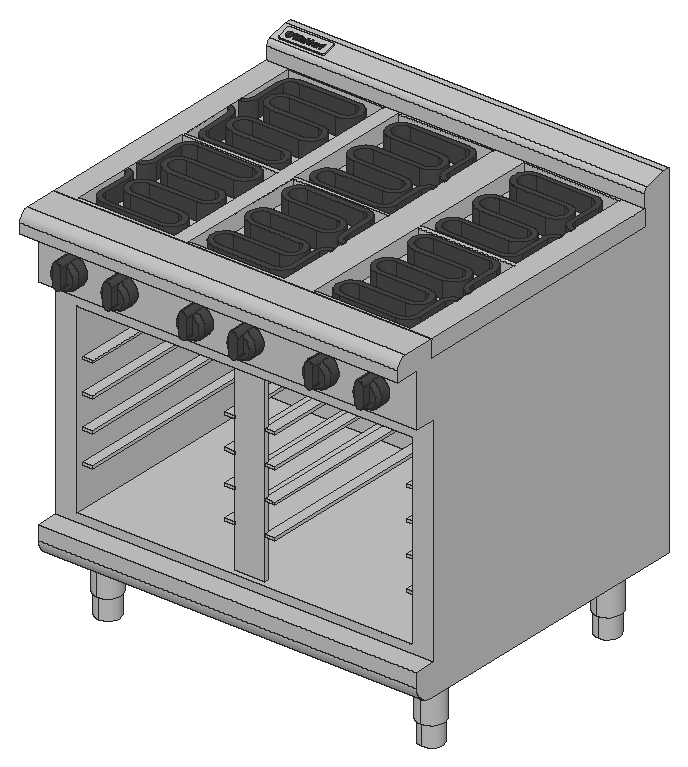
Revit family "QF_MOFFAT WALDORF_RNL8600E-CB", category Specialty Equipment, Revit 2012
Parameters
  Weight in Pounds = 286.6006
  Watts = 14400 W
  Volts = 415 V
  URL Cutsheet = "www.moffat.com"
  URL = "www.moffat.com"
  Type Mark [instance] = ""
  Status [instance] = ""
  Specification by User [instance] = ""
  Specification by Manufacturer = ""
  Show Logo [instance] = yes
  Show Casters [instance] = no
  Serial Number = ""
  Seismic Rating = ""
  SMACNA No = ""
  Revision Code [instance] = ""
  Phase = 3
  Omniclass Number and Title = ""
  Number of Poles = 1
  NAFEM Spec ID Number = ""
  Model = "RNL8600E-CB"
  Min Ckt Ampacity = 0 A
  Max Overcurrent Protection = 0 A
  Masterspec = ""
  Manufacturer = "MOFFAT WALDORF"
  Legs [instance] = not(Show Casters)  # yes
  Item Number [instance] = ""
  Installed By [instance] = ""
  Identify Quantity as Lot [instance] = yes
  HP = ""
  Furnished By [instance] = ""
  Foodservice Equipment Identifier [instance] = yes
  FL Amps = 20 A
  Elec Conn RI Height = 0.0 mm
  Elec Conn Connection Height = 0.0 mm
  Description = "COOK TOP LOW SPLASHBACK ELECTRIC ON CABINET BASE"
  Cycle = 50 Hz
  Conn Plug = ""
  Conn Conduit = yes
  CSI MasterFormat = ""
  CSI Master Format = ""
  Base Height [instance] = 150.0 mm
  Apparent Power = if(Phase = 3, Volts * FL Amps * 1.73, Volts * FL Amps)  # 14359 VA
Reference planes
  plane 1 "BACK": y = 0
  plane 2: z = 0
  plane 3 "LEFT": x = 0
  plane 4 "RIGHT": x = 900
  plane 5 "FRONT": y = -805
  plane 6 "TOP": z = 970
  plane 7 "Center Y": x = 450
  plane 8 "Center X": y = -402.5
  plane 9 "Base Height": z = 150
  plane 10: z = 915
  plane 11: x = 65.8
Forms (mm)
  Extrusion 1, solid, material "QF_Finishes_Stainless Steel"
    sketch origin (0, 0, 0) x (0, 1, 0) y (0, 0, 1)
      loop
        line (-805, 891) -> (-805, 866) -> (-749, 866) -> (-749, 740) -> (-130.5, 740) -> (-130.5, 222.5) -> (-749, 222.5) -> (-749, 188)
        arc (-749, 188) -> (-737.87, 161.13) -> (-711, 150) r 38
        line (-711, 150) -> (0, 150) -> (0, 970) -> (-15, 970) -> (-61.106, 957.646)
        arc (-61.106, 957.646) -> (-67.52, 953.36) -> (-70, 946.055) r 12
        line (-70, 946.055) -> (-70, 875) -> (-705, 875) -> (-705, 915) -> (-781, 915)
        arc (-781, 915) -> (-797.971, 907.971) -> (-805, 891) r 24
    from 0 to 900
  Revolve 2, solid, material "QF_Finishes_Black"
    sketch origin (210, 0, 763.627) x (0, -1, 0) y (0, 0, 1)
      loop
        line (782, 69.605) -> (759, 69.605) -> (759, 42.105) -> (749, 42.105) -> (749, 37.105) -> (793, 37.105) -> (793, 63.757) -> (782, 69.605)
      axis (793, 37.105) -> (749, 37.105)
    angle from 0 to 360
  Extrusion 3, solid, material "QF_Finishes_Black"
    sketch origin (-78.431, 0, 659.63) x (1, 0, 0) y (0, 0, 1)
      loop
        line (298.431, 129) -> (298.431, 167.997)
        arc (298.431, 167.997) -> (288.431, 177.997) -> (278.431, 167.997) r 10
        line (278.431, 167.997) -> (278.431, 129)
        arc (278.431, 129) -> (288.431, 119) -> (298.431, 129) r 10
    from 759 to 808
  Extrusion 4, void
    sketch origin (705, 3, 100) x (1, 0, 0) y (0, 1, 0)
      loop
        circle (65, -35) r 13.5
    from 610 to 570
  Revolve 5, solid, material "QF_Finishes_Black"
    sketch origin (89.999, 0, 763.5) x (0, 1, 0) y (0, 0, -1)
      loop
        line (-782, -69.5) -> (-759, -69.5) -> (-759, -42) -> (-749, -42) -> (-749, -37) -> (-793, -37) -> (-793, -63.651) -> (-782, -69.5)
      axis (-793, -37) -> (-749, -37)
    angle from 0 to 360
  Extrusion 6, solid, material "QF_Finishes_Black"
    sketch origin (228.269, 0, 763.658) x (-1, 0, 0) y (0, 0, -1)
      loop
        arc (148.269, -24.969) -> (138.269, -14.969) -> (128.269, -24.969) r 10
        line (128.269, -24.969) -> (128.269, -63.969)
        arc (128.269, -63.969) -> (138.269, -73.969) -> (148.269, -63.969) r 10
        line (148.269, -63.969) -> (148.269, -24.969)
    from 759 to 808
  Revolve 7, solid, material "QF_Finishes_Black"
    sketch origin (510, 0, 763.627) x (0, -1, 0) y (0, 0, 1)
      loop
        line (782, 69.605) -> (759, 69.605) -> (759, 42.105) -> (749, 42.105) -> (749, 37.105) -> (793, 37.105) -> (793, 63.757) -> (782, 69.605)
      axis (793, 37.105) -> (749, 37.105)
    angle from 0 to 360
  Extrusion 8, solid, material "QF_Finishes_Black"
    sketch origin (371.569, 0, 659.63) x (1, 0, 0) y (0, 0, 1)
      loop
        line (148.431, 129) -> (148.431, 167.997)
        arc (148.431, 167.997) -> (138.431, 177.997) -> (128.431, 167.997) r 10
        line (128.431, 167.997) -> (128.431, 129)
        arc (128.431, 129) -> (138.431, 119) -> (148.431, 129) r 10
    from 759 to 808
  Revolve 9, solid, material "QF_Finishes_Black"
    sketch origin (389.999, 0, 763.5) x (0, 1, 0) y (0, 0, -1)
      loop
        line (-782, -69.5) -> (-759, -69.5) -> (-759, -42) -> (-749, -42) -> (-749, -37) -> (-793, -37) -> (-793, -63.651) -> (-782, -69.5)
      axis (-793, -37) -> (-749, -37)
    angle from 0 to 360
  Extrusion 10, solid, material "QF_Finishes_Black"
    sketch origin (378.269, 0, 763.658) x (-1, 0, 0) y (0, 0, -1)
      loop
        arc (-1.731, -24.969) -> (-11.731, -14.969) -> (-21.731, -24.969) r 10
        line (-21.731, -24.969) -> (-21.731, -63.969)
        arc (-21.731, -63.969) -> (-11.731, -73.969) -> (-1.731, -63.969) r 10
        line (-1.731, -63.969) -> (-1.731, -24.969)
    from 759 to 808
  Revolve 11, solid, material "QF_Finishes_Black"
    sketch origin (810, 0, 763.627) x (0, -1, 0) y (0, 0, 1)
      loop
        line (782, 69.605) -> (759, 69.605) -> (759, 42.105) -> (749, 42.105) -> (749, 37.105) -> (793, 37.105) -> (793, 63.757) -> (782, 69.605)
      axis (793, 37.105) -> (749, 37.105)
    angle from 0 to 360
  Extrusion 12, solid, material "QF_Finishes_Black"
    sketch origin (671.569, 0, 659.63) x (1, 0, 0) y (0, 0, 1)
      loop
        line (148.431, 129) -> (148.431, 167.997)
        arc (148.431, 167.997) -> (138.431, 177.997) -> (128.431, 167.997) r 10
        line (128.431, 167.997) -> (128.431, 129)
        arc (128.431, 129) -> (138.431, 119) -> (148.431, 129) r 10
    from 759 to 808
  Revolve 13, solid, material "QF_Finishes_Black"
    sketch origin (689.999, 0, 763.5) x (0, 1, 0) y (0, 0, -1)
      loop
        line (-782, -69.5) -> (-759, -69.5) -> (-759, -42) -> (-749, -42) -> (-749, -37) -> (-793, -37) -> (-793, -63.651) -> (-782, -69.5)
      axis (-793, -37) -> (-749, -37)
    angle from 0 to 360
  Extrusion 14, solid, material "QF_Finishes_Black"
    sketch origin (678.269, 0, 763.658) x (-1, 0, 0) y (0, 0, -1)
      loop
        arc (-1.731, -24.969) -> (-11.731, -14.969) -> (-21.731, -24.969) r 10
        line (-21.731, -24.969) -> (-21.731, -63.969)
        arc (-21.731, -63.969) -> (-11.731, -73.969) -> (-1.731, -63.969) r 10
        line (-1.731, -63.969) -> (-1.731, -24.969)
    from 759 to 808
  Extrusion 15, solid, material "QF_Finishes_Stainless Steel"
    sketch origin (0, -70, 875) x (0, -1, 0) y (1, 0, 0)
      loop
        line (1, 0) -> (635, 0) -> (635, 900) -> (1, 900) -> (1, 0)
      loop
        line (628.25, 54) -> (628.25, 282.75) -> (321.3, 282.75) -> (321.3, 54) -> (628.25, 54)
      loop
        line (6.75, 54) -> (313.7, 54) -> (313.7, 282.75) -> (6.75, 282.75) -> (6.75, 54)
      loop
        line (6.75, 317.25) -> (313.7, 317.25) -> (313.7, 546) -> (6.75, 546) -> (6.75, 317.25)
      loop
        line (628.25, 317.25) -> (628.25, 546) -> (321.3, 546) -> (321.3, 317.25) -> (628.25, 317.25)
      loop
        line (628.25, 846) -> (321.3, 846) -> (321.3, 617.25) -> (628.25, 617.25) -> (628.25, 846)
      loop
        line (6.75, 846) -> (6.75, 617.25) -> (313.7, 617.25) -> (313.7, 846) -> (6.75, 846)
    from 0 to 40
  Extrusion 16, solid, material "QF_Finishes_Black"
    sketch origin (0, -70, 875) x (0, -1, 0) y (1, 0, 0)
      loop
        arc (20.503, 102.138) -> (29.265, 78.692) -> (52.032, 68.293) r 32.731
        line (52.032, 68.293) -> (123.291, 68.293)
        arc (123.291, 68.293) -> (134.915, 64.189) -> (141.853, 54) r 19.786
        line (141.853, 54) -> (154.156, 54)
        arc (154.156, 54) -> (143.507, 72.673) -> (123.41, 80.3) r 31.79
        line (123.41, 80.3) -> (52.272, 80.3)
        arc (52.272, 80.3) -> (37.925, 87.003) -> (32.5, 101.881) r 20.722
        line (32.5, 101.881) -> (32.5, 234.6)
        arc (32.5, 234.6) -> (54.2, 256.3) -> (75.9, 234.6) r 21.7
        line (75.9, 234.6) -> (75.9, 122)
        arc (75.9, 122) -> (109.6, 88.3) -> (143.3, 122) r 33.7
        line (143.3, 122) -> (143.3, 234.6)
        arc (143.3, 234.6) -> (165, 256.3) -> (186.7, 234.6) r 21.7
        line (186.7, 234.6) -> (186.7, 122)
        arc (186.7, 122) -> (220.4, 88.3) -> (254.1, 122) r 33.7
        line (254.1, 122) -> (254.1, 234.6)
        arc (254.1, 234.6) -> (275.8, 256.3) -> (297.5, 234.6) r 21.7
        line (297.5, 234.6) -> (297.5, 101.881)
        arc (297.5, 101.881) -> (292.075, 87.003) -> (277.728, 80.3) r 20.722
        line (277.728, 80.3) -> (206.584, 80.3)
        arc (206.584, 80.3) -> (186.467, 72.659) -> (175.749, 54) r 31.973
        line (175.749, 54) -> (188.064, 54)
        arc (188.064, 54) -> (195.064, 64.184) -> (206.716, 68.3) r 19.973
        line (206.716, 68.3) -> (277.967, 68.3)
        arc (277.967, 68.3) -> (300.725, 78.682) -> (309.5, 102.106) r 32.722
        line (309.5, 102.106) -> (309.5, 234.6)
        arc (309.5, 234.6) -> (275.8, 268.3) -> (242.1, 234.6) r 33.7
        line (242.1, 234.6) -> (242.1, 122)
        arc (242.1, 122) -> (220.4, 100.3) -> (198.7, 122) r 21.7
        line (198.7, 122) -> (198.7, 234.6)
        arc (198.7, 234.6) -> (165, 268.3) -> (131.3, 234.6) r 33.7
        line (131.3, 234.6) -> (131.3, 122)
        arc (131.3, 122) -> (109.6, 100.3) -> (87.9, 122) r 21.7
        line (87.9, 122) -> (87.9, 234.6)
        arc (87.9, 234.6) -> (54.202, 268.298) -> (20.503, 234.6) r 33.698
        line (20.503, 234.6) -> (20.503, 102.138)
      loop
        arc (325.503, 102.138) -> (334.265, 78.692) -> (357.032, 68.293) r 32.731
        line (357.032, 68.293) -> (428.291, 68.293)
        arc (428.291, 68.293) -> (439.915, 64.189) -> (446.853, 54) r 19.786
        line (446.853, 54) -> (459.156, 54)
        arc (459.156, 54) -> (448.507, 72.673) -> (428.41, 80.3) r 31.79
        line (428.41, 80.3) -> (357.272, 80.3)
        arc (357.272, 80.3) -> (342.925, 87.003) -> (337.5, 101.881) r 20.722
        line (337.5, 101.881) -> (337.5, 234.6)
        arc (337.5, 234.6) -> (359.2, 256.3) -> (380.9, 234.6) r 21.7
        line (380.9, 234.6) -> (380.9, 122)
        arc (380.9, 122) -> (414.6, 88.3) -> (448.3, 122) r 33.7
        line (448.3, 122) -> (448.3, 234.6)
        arc (448.3, 234.6) -> (470, 256.3) -> (491.7, 234.6) r 21.7
        line (491.7, 234.6) -> (491.7, 122)
        arc (491.7, 122) -> (525.4, 88.3) -> (559.1, 122) r 33.7
        line (559.1, 122) -> (559.1, 234.6)
        arc (559.1, 234.6) -> (580.8, 256.3) -> (602.5, 234.6) r 21.7
        line (602.5, 234.6) -> (602.5, 101.881)
        arc (602.5, 101.881) -> (597.075, 87.003) -> (582.728, 80.3) r 20.722
        line (582.728, 80.3) -> (511.584, 80.3)
        arc (511.584, 80.3) -> (491.467, 72.659) -> (480.749, 54) r 31.973
        line (480.749, 54) -> (493.064, 54)
        arc (493.064, 54) -> (500.064, 64.184) -> (511.716, 68.3) r 19.973
        line (511.716, 68.3) -> (582.967, 68.3)
        arc (582.967, 68.3) -> (605.725, 78.682) -> (614.5, 102.106) r 32.722
        line (614.5, 102.106) -> (614.5, 234.6)
        arc (614.5, 234.6) -> (580.8, 268.3) -> (547.1, 234.6) r 33.7
        line (547.1, 234.6) -> (547.1, 122)
        arc (547.1, 122) -> (525.4, 100.3) -> (503.7, 122) r 21.7
        line (503.7, 122) -> (503.7, 234.6)
        arc (503.7, 234.6) -> (470, 268.3) -> (436.3, 234.6) r 33.7
        line (436.3, 234.6) -> (436.3, 122)
        arc (436.3, 122) -> (414.6, 100.3) -> (392.9, 122) r 21.7
        line (392.9, 122) -> (392.9, 234.6)
        arc (392.9, 234.6) -> (359.202, 268.298) -> (325.503, 234.6) r 33.698
        line (325.503, 234.6) -> (325.503, 102.138)
      loop
        line (20.503, 497.862) -> (20.503, 365.4)
        arc (20.503, 365.4) -> (54.202, 331.702) -> (87.9, 365.4) r 33.698
        line (87.9, 365.4) -> (87.9, 478)
        arc (87.9, 478) -> (109.6, 499.7) -> (131.3, 478) r 21.7
        line (131.3, 478) -> (131.3, 365.4)
        arc (131.3, 365.4) -> (165, 331.7) -> (198.7, 365.4) r 33.7
        line (198.7, 365.4) -> (198.7, 478)
        arc (198.7, 478) -> (220.4, 499.7) -> (242.1, 478) r 21.7
        line (242.1, 478) -> (242.1, 365.4)
        arc (242.1, 365.4) -> (275.8, 331.7) -> (309.5, 365.4) r 33.7
        line (309.5, 365.4) -> (309.5, 497.894)
        arc (309.5, 497.894) -> (300.725, 521.318) -> (277.967, 531.7) r 32.722
        line (277.967, 531.7) -> (206.716, 531.7)
        arc (206.716, 531.7) -> (195.064, 535.816) -> (188.064, 546) r 19.973
        line (188.064, 546) -> (175.749, 546)
        arc (175.749, 546) -> (186.467, 527.341) -> (206.584, 519.7) r 31.973
        line (206.584, 519.7) -> (277.728, 519.7)
        arc (277.728, 519.7) -> (292.075, 512.997) -> (297.5, 498.119) r 20.722
        line (297.5, 498.119) -> (297.5, 365.4)
        arc (297.5, 365.4) -> (275.8, 343.7) -> (254.1, 365.4) r 21.7
        line (254.1, 365.4) -> (254.1, 478)
        arc (254.1, 478) -> (220.4, 511.7) -> (186.7, 478) r 33.7
        line (186.7, 478) -> (186.7, 365.4)
        arc (186.7, 365.4) -> (165, 343.7) -> (143.3, 365.4) r 21.7
        line (143.3, 365.4) -> (143.3, 478)
        arc (143.3, 478) -> (109.6, 511.7) -> (75.9, 478) r 33.7
        line (75.9, 478) -> (75.9, 365.4)
        arc (75.9, 365.4) -> (54.2, 343.7) -> (32.5, 365.4) r 21.7
        line (32.5, 365.4) -> (32.5, 498.119)
        arc (32.5, 498.119) -> (37.925, 512.997) -> (52.272, 519.7) r 20.722
        line (52.272, 519.7) -> (123.41, 519.7)
        arc (123.41, 519.7) -> (143.507, 527.327) -> (154.156, 546) r 31.79
        line (154.156, 546) -> (141.853, 546)
        arc (141.853, 546) -> (134.915, 535.811) -> (123.291, 531.707) r 19.786
        line (123.291, 531.707) -> (52.032, 531.707)
        arc (52.032, 531.707) -> (29.265, 521.308) -> (20.503, 497.862) r 32.731
      loop
        line (325.503, 497.862) -> (325.503, 365.4)
        arc (325.503, 365.4) -> (359.202, 331.702) -> (392.9, 365.4) r 33.698
        line (392.9, 365.4) -> (392.9, 478)
        arc (392.9, 478) -> (414.6, 499.7) -> (436.3, 478) r 21.7
        line (436.3, 478) -> (436.3, 365.4)
        arc (436.3, 365.4) -> (470, 331.7) -> (503.7, 365.4) r 33.7
        line (503.7, 365.4) -> (503.7, 478)
        arc (503.7, 478) -> (525.4, 499.7) -> (547.1, 478) r 21.7
        line (547.1, 478) -> (547.1, 365.4)
        arc (547.1, 365.4) -> (580.8, 331.7) -> (614.5, 365.4) r 33.7
        line (614.5, 365.4) -> (614.5, 497.894)
        arc (614.5, 497.894) -> (605.725, 521.318) -> (582.967, 531.7) r 32.722
        line (582.967, 531.7) -> (511.716, 531.7)
        arc (511.716, 531.7) -> (500.064, 535.816) -> (493.064, 546) r 19.973
        line (493.064, 546) -> (480.749, 546)
        arc (480.749, 546) -> (491.467, 527.341) -> (511.584, 519.7) r 31.973
        line (511.584, 519.7) -> (582.728, 519.7)
        arc (582.728, 519.7) -> (597.075, 512.997) -> (602.5, 498.119) r 20.722
        line (602.5, 498.119) -> (602.5, 365.4)
        arc (602.5, 365.4) -> (580.8, 343.7) -> (559.1, 365.4) r 21.7
        line (559.1, 365.4) -> (559.1, 478)
        arc (559.1, 478) -> (525.4, 511.7) -> (491.7, 478) r 33.7
        line (491.7, 478) -> (491.7, 365.4)
        arc (491.7, 365.4) -> (470, 343.7) -> (448.3, 365.4) r 21.7
        line (448.3, 365.4) -> (448.3, 478)
        arc (448.3, 478) -> (414.6, 511.7) -> (380.9, 478) r 33.7
        line (380.9, 478) -> (380.9, 365.4)
        arc (380.9, 365.4) -> (359.2, 343.7) -> (337.5, 365.4) r 21.7
        line (337.5, 365.4) -> (337.5, 498.119)
        arc (337.5, 498.119) -> (342.925, 512.997) -> (357.272, 519.7) r 20.722
        line (357.272, 519.7) -> (428.41, 519.7)
        arc (428.41, 519.7) -> (448.507, 527.327) -> (459.156, 546) r 31.79
        line (459.156, 546) -> (446.853, 546)
        arc (446.853, 546) -> (439.915, 535.811) -> (428.291, 531.707) r 19.786
        line (428.291, 531.707) -> (357.032, 531.707)
        arc (357.032, 531.707) -> (334.265, 521.308) -> (325.503, 497.862) r 32.731
      loop
        line (20.503, 797.862) -> (20.503, 665.4)
        arc (20.503, 665.4) -> (54.202, 631.702) -> (87.9, 665.4) r 33.698
        line (87.9, 665.4) -> (87.9, 778)
        arc (87.9, 778) -> (109.6, 799.7) -> (131.3, 778) r 21.7
        line (131.3, 778) -> (131.3, 665.4)
        arc (131.3, 665.4) -> (165, 631.7) -> (198.7, 665.4) r 33.7
        line (198.7, 665.4) -> (198.7, 778)
        arc (198.7, 778) -> (220.4, 799.7) -> (242.1, 778) r 21.7
        line (242.1, 778) -> (242.1, 665.4)
        arc (242.1, 665.4) -> (275.8, 631.7) -> (309.5, 665.4) r 33.7
        line (309.5, 665.4) -> (309.5, 797.894)
        arc (309.5, 797.894) -> (300.725, 821.318) -> (277.967, 831.7) r 32.722
        line (277.967, 831.7) -> (206.716, 831.7)
        arc (206.716, 831.7) -> (195.064, 835.816) -> (188.064, 846) r 19.973
        line (188.064, 846) -> (175.749, 846)
        arc (175.749, 846) -> (186.467, 827.341) -> (206.584, 819.7) r 31.973
        line (206.584, 819.7) -> (277.728, 819.7)
        arc (277.728, 819.7) -> (292.075, 812.997) -> (297.5, 798.119) r 20.722
        line (297.5, 798.119) -> (297.5, 665.4)
        arc (297.5, 665.4) -> (275.8, 643.7) -> (254.1, 665.4) r 21.7
        line (254.1, 665.4) -> (254.1, 778)
        arc (254.1, 778) -> (220.4, 811.7) -> (186.7, 778) r 33.7
        line (186.7, 778) -> (186.7, 665.4)
        arc (186.7, 665.4) -> (165, 643.7) -> (143.3, 665.4) r 21.7
        line (143.3, 665.4) -> (143.3, 778)
        arc (143.3, 778) -> (109.6, 811.7) -> (75.9, 778) r 33.7
        line (75.9, 778) -> (75.9, 665.4)
        arc (75.9, 665.4) -> (54.2, 643.7) -> (32.5, 665.4) r 21.7
        line (32.5, 665.4) -> (32.5, 798.119)
        arc (32.5, 798.119) -> (37.925, 812.997) -> (52.272, 819.7) r 20.722
        line (52.272, 819.7) -> (123.41, 819.7)
        arc (123.41, 819.7) -> (143.507, 827.327) -> (154.156, 846) r 31.79
        line (154.156, 846) -> (141.853, 846)
        arc (141.853, 846) -> (134.915, 835.811) -> (123.291, 831.707) r 19.786
        line (123.291, 831.707) -> (52.032, 831.707)
        arc (52.032, 831.707) -> (29.265, 821.308) -> (20.503, 797.862) r 32.731
      loop
        line (325.503, 797.862) -> (325.503, 665.4)
        arc (325.503, 665.4) -> (359.202, 631.702) -> (392.9, 665.4) r 33.698
        line (392.9, 665.4) -> (392.9, 778)
        arc (392.9, 778) -> (414.6, 799.7) -> (436.3, 778) r 21.7
        line (436.3, 778) -> (436.3, 665.4)
        arc (436.3, 665.4) -> (470, 631.7) -> (503.7, 665.4) r 33.7
        line (503.7, 665.4) -> (503.7, 778)
        arc (503.7, 778) -> (525.4, 799.7) -> (547.1, 778) r 21.7
        line (547.1, 778) -> (547.1, 665.4)
        arc (547.1, 665.4) -> (580.8, 631.7) -> (614.5, 665.4) r 33.7
        line (614.5, 665.4) -> (614.5, 797.894)
        arc (614.5, 797.894) -> (605.725, 821.318) -> (582.967, 831.7) r 32.722
        line (582.967, 831.7) -> (511.716, 831.7)
        arc (511.716, 831.7) -> (500.064, 835.816) -> (493.064, 846) r 19.973
        line (493.064, 846) -> (480.749, 846)
        arc (480.749, 846) -> (491.467, 827.341) -> (511.584, 819.7) r 31.973
        line (511.584, 819.7) -> (582.728, 819.7)
        arc (582.728, 819.7) -> (597.075, 812.997) -> (602.5, 798.119) r 20.722
        line (602.5, 798.119) -> (602.5, 665.4)
        arc (602.5, 665.4) -> (580.8, 643.7) -> (559.1, 665.4) r 21.7
        line (559.1, 665.4) -> (559.1, 778)
        arc (559.1, 778) -> (525.4, 811.7) -> (491.7, 778) r 33.7
        line (491.7, 778) -> (491.7, 665.4)
        arc (491.7, 665.4) -> (470, 643.7) -> (448.3, 665.4) r 21.7
        line (448.3, 665.4) -> (448.3, 778)
        arc (448.3, 778) -> (414.6, 811.7) -> (380.9, 778) r 33.7
        line (380.9, 778) -> (380.9, 665.4)
        arc (380.9, 665.4) -> (359.2, 643.7) -> (337.5, 665.4) r 21.7
        line (337.5, 665.4) -> (337.5, 798.119)
        arc (337.5, 798.119) -> (342.925, 812.997) -> (357.272, 819.7) r 20.722
        line (357.272, 819.7) -> (428.41, 819.7)
        arc (428.41, 819.7) -> (448.507, 827.327) -> (459.156, 846) r 31.79
        line (459.156, 846) -> (446.853, 846)
        arc (446.853, 846) -> (439.915, 835.811) -> (428.291, 831.707) r 19.786
        line (428.291, 831.707) -> (357.032, 831.707)
        arc (357.032, 831.707) -> (334.265, 821.308) -> (325.503, 797.862) r 32.731
    from 0 to 40
  Revolve 17, solid, material "QF_Finishes_Stainless Steel", visible <- "Legs"
    sketch origin (65, -165, 0) x (0, 1, 0) y (0, 0, 1)
      loop
        line (33.25, 150) -> (33.25, 50) -> (37.5, 50) -> (37.5, 0) -> (65, 0) -> (65, 150) -> (33.25, 150)
      axis (65, 150) -> (65, 0)
    angle from 0 to 360
  Revolve 18, solid, material "QF_Finishes_Stainless Steel"
    sketch origin (65, -735, 0) x (0, 1, 0) y (0, 0, 1)
      loop
        line (78.25, 150) -> (78.25, 50) -> (82.5, 50) -> (82.5, 0) -> (110, 0) -> (110, 150) -> (78.25, 150)
      axis (110, 150) -> (110, 0)
    angle from 0 to 360
  Revolve 19, solid, material "QF_Finishes_Stainless Steel", visible <- "Legs"
    sketch origin (835, -165, 0) x (0, 1, 0) y (0, 0, -1)
      loop
        line (33.25, -150) -> (65, -150) -> (65, 0) -> (37.5, 0) -> (37.5, -50) -> (33.25, -50) -> (33.25, -150)
      axis (65, -150) -> (65, 0)
    angle from 0 to 360
  Revolve 20, solid, material "QF_Finishes_Stainless Steel"
    sketch origin (835, -735, 0) x (0, 1, 0) y (0, 0, -1)
      loop
        line (78.25, -150) -> (110, -150) -> (110, 0) -> (82.5, 0) -> (82.5, -50) -> (78.25, -50) -> (78.25, -150)
      axis (110, -150) -> (110, 0)
    angle from 0 to 360
  Extrusion 21, solid, material "QF_Finishes_Stainless Steel"
    sketch origin (0, -130.5, 735) x (0, 0, 1) y (-1, 0, 0)
      loop
        line (5, -900) -> (5, 0) -> (-512.5, 0) -> (-512.5, -900) -> (5, -900)
      loop
        line (-50, -850) -> (-50, -50) -> (-492.5, -50) -> (-492.5, -850) -> (-50, -850)
    from 0 to 568.5
  Extrusion 22, void
    sketch origin (0, 0, 150) x (-1, 0, 0) y (0, -1, 0)
      loop
        line (-824.497, 87.26) -> (-824.497, -30.24) -> (-694.997, -30.24) -> (-694.997, 38.76) -> (-743.497, 87.26) -> (-824.497, 87.26)
    from 72.5 to 560
  Extrusion 23, solid, material "QF_Finishes_Stainless Steel"
    sketch origin (0, -130.5, 735) x (0, 0, 1) y (-1, 0, 0)
      loop
        line (-50, -485.5) -> (-50, -414.5) -> (-492.5, -414.5) -> (-492.5, -485.5) -> (-50, -485.5)
    from 543.302 to 553.302
  Extrusion 24, solid, material "QF_Finishes_Stainless Steel"
    sketch origin (0, -130.5, 735) x (0, 0, 1) y (-1, 0, 0)
      loop
        line (-246.25, -414.5) -> (-239.9, -414.5) -> (-239.9, -389.5) -> (-246.25, -389.5) -> (-246.25, -414.5)
      loop
        line (-321.25, -414.5) -> (-314.9, -414.5) -> (-314.9, -389.5) -> (-321.25, -389.5) -> (-321.25, -414.5)
      loop
        line (-321.25, -50) -> (-321.25, -75) -> (-314.9, -75) -> (-314.9, -50) -> (-321.25, -50)
      loop
        line (-239.9, -75) -> (-239.9, -50) -> (-246.25, -50) -> (-246.25, -75) -> (-239.9, -75)
      loop
        line (-396.25, -414.5) -> (-389.9, -414.5) -> (-389.9, -389.5) -> (-396.25, -389.5) -> (-396.25, -414.5)
      loop
        line (-396.25, -50) -> (-396.25, -75) -> (-389.9, -75) -> (-389.9, -50) -> (-396.25, -50)
      loop
        line (-171.25, -414.5) -> (-164.9, -414.5) -> (-164.9, -389.5) -> (-171.25, -389.5) -> (-171.25, -414.5)
      loop
        line (-164.9, -75) -> (-164.9, -50) -> (-171.25, -50) -> (-171.25, -75) -> (-164.9, -75)
      loop
        line (-246.25, -485.5) -> (-246.25, -510.5) -> (-239.9, -510.5) -> (-239.9, -485.5) -> (-246.25, -485.5)
      loop
        line (-321.25, -485.5) -> (-321.25, -510.5) -> (-314.9, -510.5) -> (-314.9, -485.5) -> (-321.25, -485.5)
      loop
        line (-321.25, -850) -> (-314.9, -850) -> (-314.9, -825) -> (-321.25, -825) -> (-321.25, -850)
      loop
        line (-239.9, -825) -> (-246.25, -825) -> (-246.25, -850) -> (-239.9, -850) -> (-239.9, -825)
      loop
        line (-396.25, -485.5) -> (-396.25, -510.5) -> (-389.9, -510.5) -> (-389.9, -485.5) -> (-396.25, -485.5)
      loop
        line (-396.25, -850) -> (-389.9, -850) -> (-389.9, -825) -> (-396.25, -825) -> (-396.25, -850)
      loop
        line (-171.25, -485.5) -> (-171.25, -510.5) -> (-164.9, -510.5) -> (-164.9, -485.5) -> (-171.25, -485.5)
      loop
        line (-164.9, -825) -> (-171.25, -825) -> (-171.25, -850) -> (-164.9, -850) -> (-164.9, -825)
    from 0 to 553.302
  Extrusion 25, solid, material "QF_Finishes_Stainless Steel"
    sketch origin (705, -4.5, 710) x (0, 1, 0) y (1, 0, 0)
      loop
        circle (-34.187, 51.276) r 6.35
    from 0 to 1.6
Cuts and joins
  Extrusion 4, Extrusion 22 cuts Extrusion 1
  joined: Extrusion 1, Extrusion 21
Lines and regions (mm)
  Split face 1
    outline origin (49.063, -21.5, 968.258) x (0, -0.965926, -0.258819) y (1, 0, 0)
      loop
        line (-1.552, 105.5) -> (31.85, 105.5) -> (31.85, 125.5) -> (-1.552, 125.5) -> (-1.552, 105.5)
  Split face 2
    outline origin (99.063, -21.5, 968.258) x (0, -0.965926, -0.258819) y (1, 0, 0)
      loop
        line (-1.552, 105.5) -> (31.85, 105.5) -> (31.85, 125.5) -> (-1.552, 125.5) -> (-1.552, 105.5)
  Split face 3
    outline origin (149.063, -21.5, 968.258) x (0, -0.965926, -0.258819) y (1, 0, 0)
      loop
        line (-1.552, 105.5) -> (31.85, 105.5) -> (31.85, 125.5) -> (-1.552, 125.5) -> (-1.552, 105.5)
  Split face 4
    outline origin (199.063, -21.5, 968.258) x (0, -0.965926, -0.258819) y (1, 0, 0)
      loop
        line (-1.552, 105.5) -> (31.85, 105.5) -> (31.85, 125.5) -> (-1.552, 125.5) -> (-1.552, 105.5)
  Split face 5
    outline origin (249.063, -21.5, 968.258) x (0, -0.965926, -0.258819) y (1, 0, 0)
      loop
        line (-1.552, 105.5) -> (31.85, 105.5) -> (31.85, 125.5) -> (-1.552, 125.5) -> (-1.552, 105.5)
  Split face 6
    outline origin (299.063, -21.5, 968.258) x (0, -0.965926, -0.258819) y (1, 0, 0)
      loop
        line (-1.552, 105.5) -> (31.85, 105.5) -> (31.85, 125.5) -> (-1.552, 125.5) -> (-1.552, 105.5)
  Split face 7
    outline origin (349.063, -21.5, 968.258) x (0, -0.965926, -0.258819) y (1, 0, 0)
      loop
        line (-1.552, 105.5) -> (31.85, 105.5) -> (31.85, 125.5) -> (-1.552, 125.5) -> (-1.552, 105.5)
  Split face 8
    outline origin (399.062, -21.5, 968.258) x (0, -0.965926, -0.258819) y (1, 0, 0)
      loop
        line (-1.552, 105.5) -> (31.85, 105.5) -> (31.85, 125.5) -> (-1.552, 125.5) -> (-1.552, 105.5)
  Split face 9
    outline origin (449.062, -21.5, 968.258) x (0, -0.965926, -0.258819) y (1, 0, 0)
      loop
        line (-1.552, 105.5) -> (31.85, 105.5) -> (31.85, 125.5) -> (-1.552, 125.5) -> (-1.552, 105.5)
  Split face 10
    outline origin (499.063, -21.5, 968.258) x (0, -0.965926, -0.258819) y (1, 0, 0)
      loop
        line (-1.552, 105.5) -> (31.85, 105.5) -> (31.85, 125.5) -> (-1.552, 125.5) -> (-1.552, 105.5)
  Split face 11
    outline origin (549.062, -21.5, 968.258) x (0, -0.965926, -0.258819) y (1, 0, 0)
      loop
        line (-1.552, 105.5) -> (31.85, 105.5) -> (31.85, 125.5) -> (-1.552, 125.5) -> (-1.552, 105.5)
  Split face 12
    outline origin (599.062, -21.5, 968.258) x (0, -0.965926, -0.258819) y (1, 0, 0)
      loop
        line (-1.552, 105.5) -> (31.85, 105.5) -> (31.85, 125.5) -> (-1.552, 125.5) -> (-1.552, 105.5)
  symbolic lines, visible <- "Show Logo"
    curve 1: line (12.5, -52.06, 0) -> (12.5, -21.099, 0)
    curve 2: line (121.5, -21.099, 0) -> (121.5, -52.06, 0)
    curve 3: line (12.5, -21.099, 0) -> (121.5, -21.099, 0)
    curve 4: line (12.5, -52.06, 0) -> (121.5, -52.06, 0)
  symbolic lines
    curve 5: line (154.563, -50.782, 0) -> (154.563, -20.984, 0)
    curve 6: line (154.563, -20.984, 0) -> (174.562, -20.984, 0)
    curve 7: line (174.562, -20.984, 0) -> (174.562, -50.782, 0)
    curve 8: line (174.562, -50.782, 0) -> (154.563, -50.782, 0)
    curve 9: line (204.563, -20.984, 0) -> (204.563, -50.782, 0)
    curve 10: line (204.563, -50.782, 0) -> (224.562, -50.782, 0)
    curve 11: line (224.562, -50.782, 0) -> (224.562, -20.984, 0)
    curve 12: line (224.562, -20.984, 0) -> (204.563, -20.984, 0)
    curve 13: line (254.563, -20.984, 0) -> (254.563, -50.782, 0)
    curve 14: line (254.563, -50.782, 0) -> (274.562, -50.782, 0)
    curve 15: line (274.562, -50.782, 0) -> (274.562, -20.984, 0)
    curve 16: line (274.562, -20.984, 0) -> (254.563, -20.984, 0)
    curve 17: line (304.563, -20.984, 0) -> (304.563, -50.782, 0)
    curve 18: line (304.563, -50.782, 0) -> (324.563, -50.782, 0)
    curve 19: line (324.563, -50.782, 0) -> (324.563, -20.984, 0)
    curve 20: line (324.563, -20.984, 0) -> (304.563, -20.984, 0)
    curve 21: line (354.563, -20.984, 0) -> (354.563, -50.782, 0)
    curve 22: line (354.563, -50.782, 0) -> (374.563, -50.782, 0)
    curve 23: line (374.563, -50.782, 0) -> (374.563, -20.984, 0)
    curve 24: line (374.563, -20.984, 0) -> (354.563, -20.984, 0)
    curve 25: line (404.563, -50.782, 0) -> (404.563, -20.984, 0)
    curve 26: line (404.563, -20.984, 0) -> (424.563, -20.984, 0)
    curve 27: line (424.563, -20.984, 0) -> (424.563, -50.782, 0)
    curve 28: line (424.563, -50.782, 0) -> (404.563, -50.782, 0)
    curve 29: line (454.563, -50.782, 0) -> (454.563, -20.984, 0)
    curve 30: line (454.563, -20.984, 0) -> (474.563, -20.984, 0)
    curve 31: line (474.563, -20.984, 0) -> (474.563, -50.782, 0)
    curve 32: line (474.563, -50.782, 0) -> (454.563, -50.782, 0)
    curve 33: line (504.563, -20.984, 0) -> (504.563, -50.782, 0)
    curve 34: line (504.563, -50.782, 0) -> (524.563, -50.782, 0)
    curve 35: line (524.563, -50.782, 0) -> (524.563, -20.984, 0)
    curve 36: line (524.563, -20.984, 0) -> (504.563, -20.984, 0)
    curve 37: line (554.563, -50.782, 0) -> (554.563, -20.984, 0)
    curve 38: line (554.563, -20.984, 0) -> (574.563, -20.984, 0)
    curve 39: line (574.563, -20.984, 0) -> (574.563, -50.782, 0)
    curve 40: line (574.563, -50.782, 0) -> (554.563, -50.782, 0)
    curve 41: line (604.563, -50.782, 0) -> (604.563, -20.984, 0)
    curve 42: line (604.563, -20.984, 0) -> (624.563, -20.984, 0)
    curve 43: line (624.563, -20.984, 0) -> (624.563, -50.782, 0)
    curve 44: line (624.563, -50.782, 0) -> (604.563, -50.782, 0)
    curve 45: line (654.563, -50.782, 0) -> (654.563, -20.984, 0)
    curve 46: line (654.563, -20.984, 0) -> (674.563, -20.984, 0)
    curve 47: line (674.563, -20.984, 0) -> (674.563, -50.782, 0)
    curve 48: line (674.563, -50.782, 0) -> (654.563, -50.782, 0)
    curve 49: line (724.563, -50.782, 0) -> (704.563, -50.782, 0)
    curve 50: line (704.563, -50.782, 0) -> (704.563, -20.984, 0)
    curve 51: line (704.563, -20.984, 0) -> (724.563, -20.984, 0)
    curve 52: line (724.563, -20.984, 0) -> (724.563, -50.782, 0)
    curve 53: line (0, -805, 0) -> (900, -805, 0)
    curve 54: line (0, 0, 0) -> (0, -805, 0)
    curve 55: line (900, -805, 0) -> (900, 0, 0)
    curve 56: line (900, 0, 0) -> (0, 0, 0)
    curve 57: line (0, -70, 0) -> (900, -70, 0)
    curve 58: line (900, -705, 0) -> (0, -705, 0)
    curve 59: arc (54, -218.043, 0) -> (68.436, -209.222, 0) -> (74.3, -193.354, 0) r 25.79
    curve 60: line (74.3, -193.354, 0) -> (74.3, -122.146, 0)
    curve 61: arc (74.3, -122.146, 0) -> (82.847, -103.595, 0) -> (102, -96.5, 0) r 26.722
    curve 62: line (102, -96.5, 0) -> (234.6, -96.5, 0)
    curve 63: arc (234.6, -96.5, 0) -> (262.3, -124.2, 0) -> (234.6, -151.9, 0) r 27.7
    curve 64: line (234.6, -151.9, 0) -> (122, -151.9, 0)
    curve 65: arc (122, -151.9, 0) -> (94.3, -179.6, 0) -> (122, -207.3, 0) r 27.7
    curve 66: line (122, -207.3, 0) -> (234.6, -207.3, 0)
    curve 67: arc (234.6, -207.3, 0) -> (262.3, -235, 0) -> (234.6, -262.7, 0) r 27.7
    curve 68: line (234.6, -262.7, 0) -> (122, -262.7, 0)
    curve 69: arc (122, -262.7, 0) -> (94.3, -290.4, 0) -> (122, -318.1, 0) r 27.7
    curve 70: line (122, -318.1, 0) -> (234.6, -318.1, 0)
    curve 71: arc (234.6, -318.1, 0) -> (262.3, -345.8, 0) -> (234.6, -373.5, 0) r 27.7
    curve 72: line (234.6, -373.5, 0) -> (102, -373.5, 0)
    curve 73: arc (102, -373.5, 0) -> (82.847, -366.405, 0) -> (74.3, -347.854, 0) r 26.722
    curve 74: line (74.3, -347.854, 0) -> (74.3, -276.646, 0)
    curve 75: arc (74.3, -276.646, 0) -> (68.424, -260.755, 0) -> (54, -251.869, 0) r 25.973
    curve 76: arc (54, -523.043, 0) -> (68.436, -514.222, 0) -> (74.3, -498.354, 0) r 25.79
    curve 77: line (74.3, -498.354, 0) -> (74.3, -427.146, 0)
    curve 78: arc (74.3, -427.146, 0) -> (82.847, -408.595, 0) -> (102, -401.5, 0) r 26.722
    curve 79: line (102, -401.5, 0) -> (234.6, -401.5, 0)
    curve 80: arc (234.6, -401.5, 0) -> (262.3, -429.2, 0) -> (234.6, -456.9, 0) r 27.7
    curve 81: line (234.6, -456.9, 0) -> (122, -456.9, 0)
    curve 82: arc (122, -456.9, 0) -> (94.3, -484.6, 0) -> (122, -512.3, 0) r 27.7
    curve 83: line (122, -512.3, 0) -> (234.6, -512.3, 0)
    curve 84: arc (234.6, -512.3, 0) -> (262.3, -540, 0) -> (234.6, -567.7, 0) r 27.7
    curve 85: line (234.6, -567.7, 0) -> (122, -567.7, 0)
    curve 86: arc (122, -567.7, 0) -> (94.3, -595.4, 0) -> (122, -623.1, 0) r 27.7
    curve 87: line (122, -623.1, 0) -> (234.6, -623.1, 0)
    curve 88: arc (234.6, -623.1, 0) -> (262.3, -650.8, 0) -> (234.6, -678.5, 0) r 27.7
    curve 89: line (234.6, -678.5, 0) -> (102, -678.5, 0)
    curve 90: arc (102, -678.5, 0) -> (82.847, -671.405, 0) -> (74.3, -652.854, 0) r 26.722
    curve 91: line (74.3, -652.854, 0) -> (74.3, -581.646, 0)
    curve 92: arc (74.3, -581.646, 0) -> (68.424, -565.755, 0) -> (54, -556.869, 0) r 25.973
    curve 93: arc (545.338, -218.043, 0) -> (530.902, -209.222, 0) -> (525.038, -193.354, 0) r 25.79
    curve 94: line (525.038, -193.354, 0) -> (525.038, -122.146, 0)
    curve 95: arc (525.038, -122.146, 0) -> (516.491, -103.595, 0) -> (497.338, -96.5, 0) r 26.722
    curve 96: line (497.338, -96.5, 0) -> (364.738, -96.5, 0)
    curve 97: arc (364.738, -96.5, 0) -> (337.038, -124.2, 0) -> (364.738, -151.9, 0) r 27.7
    curve 98: line (364.738, -151.9, 0) -> (477.338, -151.9, 0)
    curve 99: arc (477.338, -151.9, 0) -> (505.038, -179.6, 0) -> (477.338, -207.3, 0) r 27.7
    curve 100: line (477.338, -207.3, 0) -> (364.738, -207.3, 0)
    curve 101: arc (364.738, -207.3, 0) -> (337.038, -235, 0) -> (364.738, -262.7, 0) r 27.7
    curve 102: line (364.738, -262.7, 0) -> (477.338, -262.7, 0)
    curve 103: arc (477.338, -262.7, 0) -> (505.038, -290.4, 0) -> (477.338, -318.1, 0) r 27.7
    curve 104: line (477.338, -318.1, 0) -> (364.738, -318.1, 0)
    curve 105: arc (364.738, -318.1, 0) -> (337.038, -345.8, 0) -> (364.738, -373.5, 0) r 27.7
    curve 106: line (364.738, -373.5, 0) -> (497.338, -373.5, 0)
    curve 107: arc (497.338, -373.5, 0) -> (516.491, -366.405, 0) -> (525.038, -347.854, 0) r 26.722
    curve 108: line (525.038, -347.854, 0) -> (525.038, -276.646, 0)
    curve 109: arc (525.038, -276.646, 0) -> (530.914, -260.755, 0) -> (545.338, -251.869, 0) r 25.973
    curve 110: arc (545.338, -523.043, 0) -> (530.902, -514.222, 0) -> (525.038, -498.354, 0) r 25.79
    curve 111: line (525.038, -498.354, 0) -> (525.038, -427.146, 0)
    curve 112: arc (525.038, -427.146, 0) -> (516.491, -408.595, 0) -> (497.338, -401.5, 0) r 26.722
    curve 113: line (497.338, -401.5, 0) -> (364.738, -401.5, 0)
    curve 114: arc (364.738, -401.5, 0) -> (337.038, -429.2, 0) -> (364.738, -456.9, 0) r 27.7
    curve 115: line (364.738, -456.9, 0) -> (477.338, -456.9, 0)
    curve 116: arc (477.338, -456.9, 0) -> (505.038, -484.6, 0) -> (477.338, -512.3, 0) r 27.7
    curve 117: line (477.338, -512.3, 0) -> (364.738, -512.3, 0)
    curve 118: arc (364.738, -512.3, 0) -> (337.038, -540, 0) -> (364.738, -567.7, 0) r 27.7
    curve 119: line (364.738, -567.7, 0) -> (477.338, -567.7, 0)
    curve 120: arc (477.338, -567.7, 0) -> (505.038, -595.4, 0) -> (477.338, -623.1, 0) r 27.7
    curve 121: line (477.338, -623.1, 0) -> (364.738, -623.1, 0)
    curve 122: arc (364.738, -623.1, 0) -> (337.038, -650.8, 0) -> (364.738, -678.5, 0) r 27.7
    curve 123: line (364.738, -678.5, 0) -> (497.338, -678.5, 0)
    curve 124: arc (497.338, -678.5, 0) -> (516.491, -671.405, 0) -> (525.038, -652.854, 0) r 26.722
    curve 125: line (525.038, -652.854, 0) -> (525.038, -581.646, 0)
    curve 126: arc (525.038, -581.646, 0) -> (530.914, -565.755, 0) -> (545.338, -556.869, 0) r 25.973
    curve 127: arc (845.338, -218.043, 0) -> (830.902, -209.222, 0) -> (825.038, -193.354, 0) r 25.79
    curve 128: line (825.038, -193.354, 0) -> (825.038, -122.146, 0)
    curve 129: arc (825.038, -122.146, 0) -> (816.491, -103.595, 0) -> (797.338, -96.5, 0) r 26.722
    curve 130: line (797.338, -96.5, 0) -> (664.738, -96.5, 0)
    curve 131: arc (664.738, -96.5, 0) -> (637.038, -124.2, 0) -> (664.738, -151.9, 0) r 27.7
    curve 132: line (664.738, -151.9, 0) -> (777.338, -151.9, 0)
    curve 133: arc (777.338, -151.9, 0) -> (805.038, -179.6, 0) -> (777.338, -207.3, 0) r 27.7
    curve 134: line (777.338, -207.3, 0) -> (664.738, -207.3, 0)
    curve 135: arc (664.738, -207.3, 0) -> (637.038, -235, 0) -> (664.738, -262.7, 0) r 27.7
    curve 136: line (664.738, -262.7, 0) -> (777.338, -262.7, 0)
    curve 137: arc (777.338, -262.7, 0) -> (805.038, -290.4, 0) -> (777.338, -318.1, 0) r 27.7
    curve 138: line (777.338, -318.1, 0) -> (664.738, -318.1, 0)
    curve 139: arc (664.738, -318.1, 0) -> (637.038, -345.8, 0) -> (664.738, -373.5, 0) r 27.7
    curve 140: line (664.738, -373.5, 0) -> (797.338, -373.5, 0)
    curve 141: arc (797.338, -373.5, 0) -> (816.491, -366.405, 0) -> (825.038, -347.854, 0) r 26.722
    curve 142: line (825.038, -347.854, 0) -> (825.038, -276.646, 0)
    curve 143: arc (825.038, -276.646, 0) -> (830.914, -260.755, 0) -> (845.338, -251.869, 0) r 25.973
    curve 144: arc (845.338, -523.043, 0) -> (830.902, -514.222, 0) -> (825.038, -498.354, 0) r 25.79
    curve 145: line (825.038, -498.354, 0) -> (825.038, -427.146, 0)
    curve 146: arc (825.038, -427.146, 0) -> (816.491, -408.595, 0) -> (797.338, -401.5, 0) r 26.722
    curve 147: line (797.338, -401.5, 0) -> (664.738, -401.5, 0)
    curve 148: arc (664.738, -401.5, 0) -> (637.038, -429.2, 0) -> (664.738, -456.9, 0) r 27.7
    curve 149: line (664.738, -456.9, 0) -> (777.338, -456.9, 0)
    curve 150: arc (777.338, -456.9, 0) -> (805.038, -484.6, 0) -> (777.338, -512.3, 0) r 27.7
    curve 151: line (777.338, -512.3, 0) -> (664.738, -512.3, 0)
    curve 152: arc (664.738, -512.3, 0) -> (637.038, -540, 0) -> (664.738, -567.7, 0) r 27.7
    curve 153: line (664.738, -567.7, 0) -> (777.338, -567.7, 0)
    curve 154: arc (777.338, -567.7, 0) -> (805.038, -595.4, 0) -> (777.338, -623.1, 0) r 27.7
    curve 155: line (777.338, -623.1, 0) -> (664.738, -623.1, 0)
    curve 156: arc (664.738, -623.1, 0) -> (637.038, -650.8, 0) -> (664.738, -678.5, 0) r 27.7
    curve 157: line (664.738, -678.5, 0) -> (797.338, -678.5, 0)
    curve 158: arc (797.338, -678.5, 0) -> (816.491, -671.405, 0) -> (825.038, -652.854, 0) r 26.722
    curve 159: line (825.038, -652.854, 0) -> (825.038, -581.646, 0)
    curve 160: arc (825.038, -581.646, 0) -> (830.914, -565.755, 0) -> (845.338, -556.869, 0) r 25.973
    curve 161: line (54, -705, 0) -> (54, -70, 0)
    curve 162: line (282.75, -70, 0) -> (282.75, -705, 0)
    curve 163: line (317.25, -705, 0) -> (317.25, -70, 0)
    curve 164: line (546, -70, 0) -> (546, -705, 0)
    curve 165: line (617.25, -705, 0) -> (617.25, -70, 0)
    curve 166: line (846, -70, 0) -> (846, -705, 0)
    curve 167: line (282.75, -387.5, 0) -> (54, -387.5, 0)
    curve 168: line (317.25, -387.5, 0) -> (546, -387.5, 0)
    curve 169: line (617.25, -387.5, 0) -> (846, -387.5, 0)
Dimensions and locks
  equal spacing: plane 3 "LEFT", plane 7 "Center Y", plane 4 "RIGHT"
  plane 3 "LEFT" to plane 4 "RIGHT" = 900.0 mm
  equal spacing: plane 5 "FRONT", plane 8 "Center X", plane 1 "BACK"
  plane 5 "FRONT" to plane 1 "BACK" = 805.0 mm
  "Base Height": plane 9 "Base Height" to level
  plane 6 "TOP" to level = 970.0 mm
  plane 10 to level = 915.0 mm
  nested 1 to nested 1 = 9.01 mm
  Revolve 11 sketch curve to Revolve 11 sketch curve to Revolve 13 = 11.0 mm locked, 23.0 mm locked
  cut or joined group of Extrusion 1, Extrusion 4, Extrusion 21, Extrusion 22 to level = 710.0 mm
  plane 6 "TOP" to nested 1 to nested 1 = 0.013 mm, 9.01 mm
  aligned and locked: level to plane 2
  aligned and locked: Extrusion 1 to Revolve 11 sketch curve
Automatic sketch dimensions
  curve 53 to plane 3 "LEFT" = 0.0 mm
  plane 1 "BACK" to curve 56 = 0.0 mm
  curve 56 to plane 4 "RIGHT" = 0.0 mm
  plane 5 "FRONT" to curve 55 = 0.0 mm
  plane 3 "LEFT" to curve 1 = 12.5 mm
  plane 3 "LEFT" to curve 75 = 48.333 mm
  plane 3 "LEFT" to curve 92 = 48.333 mm
  plane 3 "LEFT" to curve 76 = 48.516 mm
  plane 3 "LEFT" to curve 59 = 48.516 mm
  curve 92 to curve 92 = 5.667 mm
  curve 161 to plane 8 "Center X" = 302.5 mm
  plane 3 "LEFT" to curve 161 = 54.0 mm
  curve 76 to curve 76 = 5.484 mm
  curve 77 to plane 8 "Center X" = 24.646 mm
  curve 161 to curve 77 = 20.3 mm
  curve 92 to curve 92 = 25.967 mm
  curve 75 to curve 75 = 25.967 mm
  curve 59 to curve 59 = 25.784 mm
  curve 60 to curve 61 = 26.701 mm
  curve 90 to curve 90 = 26.701 mm
  curve 77 to curve 78 = 26.701 mm
  curve 73 to curve 73 = 26.701 mm
  curve 73 to curve 72 = 0.999 mm
  plane 8 "Center X" to curve 78 = 1.0 mm
  curve 78 to curve 78 = 0.999 mm
  curve 90 to curve 89 = 0.999 mm
  curve 61 to curve 62 = 0.999 mm
  curve 61 to curve 2 = 19.5 mm
  curve 78 to curve 82 = 20.999 mm
  curve 61 to curve 65 = 20.999 mm
  curve 75 to curve 68 = 47.7 mm
  curve 91 to curve 85 = 47.7 mm
  curve 2 to curve 5 = 33.062 mm
  curve 5 to curve 7 = 20.0 mm
  curve 7 to curve 9 = 30.0 mm
  curve 9 to curve 12 = 20.0 mm
  curve 85 to curve 85 = 112.6 mm
  curve 89 to curve 85 = 0.0 mm
  curve 69 to curve 70 = 112.6 mm
  curve 68 to curve 70 = 0.0 mm
  curve 79 to curve 72 = 0.0 mm
  curve 64 to curve 67 = 0.0 mm
  curve 11 to curve 16 = 30.0 mm
  curve 13 to curve 14 = 20.0 mm
  curve 14 to curve 162 = 8.187 mm
  curve 162 to curve 18 = 21.813 mm
  curve 162 to curve 163 = 34.5 mm
  curve 17 to curve 20 = 20.0 mm
  curve 19 to curve 21 = 30.0 mm
  plane 8 "Center X" to curve 114 = 1.0 mm
  curve 163 to curve 114 = 47.488 mm
  curve 117 to curve 114 = 0.0 mm
  curve 105 to curve 113 = 0.0 mm
  curve 102 to curve 104 = 0.0 mm
  curve 21 to curve 96 = 10.176 mm
  curve 122 to curve 119 = 0.0 mm
  curve 21 to curve 23 = 20.0 mm
  curve 23 to curve 25 = 30.0 mm
  curve 25 to curve 26 = 20.0 mm
  plane 7 "Center Y" to curve 30 = 4.563 mm
  curve 29 to curve 31 = 20.0 mm
  plane 7 "Center Y" to curve 103 = 27.338 mm
  plane 7 "Center Y" to curve 121 = 27.338 mm
  plane 7 "Center Y" to curve 117 = 27.338 mm
  plane 7 "Center Y" to curve 100 = 27.338 mm
  plane 7 "Center Y" to curve 96 = 47.338 mm
  plane 7 "Center Y" to curve 124 = 47.338 mm
  plane 7 "Center Y" to curve 107 = 47.338 mm
  curve 112 to curve 107 = 0.0 mm
  curve 95 to curve 95 = 0.999 mm
  curve 107 to curve 107 = 0.999 mm
  curve 112 to curve 112 = 0.999 mm
  curve 124 to curve 124 = 0.999 mm
  curve 30 to curve 33 = 30.0 mm
  curve 33 to curve 34 = 20.0 mm
  curve 120 to curve 125 = 47.7 mm
  curve 95 to curve 95 = 26.701 mm
  curve 112 to curve 112 = 26.701 mm
  curve 107 to curve 108 = 26.701 mm
  curve 109 to curve 109 = 20.3 mm
  curve 125 to curve 126 = 20.3 mm
  curve 93 to curve 93 = 20.3 mm
  curve 110 to curve 110 = 20.3 mm
  curve 164 to plane 8 "Center X" = 302.5 mm
  curve 108 to curve 164 = 20.962 mm
  curve 93 to curve 93 = 25.784 mm
  curve 110 to curve 110 = 25.784 mm
  curve 109 to curve 109 = 5.667 mm
  curve 125 to curve 126 = 25.967 mm
  curve 164 to curve 37 = 8.563 mm
  curve 37 to curve 40 = 20.0 mm
  curve 38 to curve 41 = 30.0 mm
  curve 41 to curve 165 = 12.688 mm
  curve 41 to curve 43 = 20.0 mm
  curve 42 to curve 46 = 30.0 mm
  curve 110 to curve 152 = 113.916 mm
  curve 156 to curve 153 = 0.0 mm
  curve 149 to curve 152 = 0.0 mm
  curve 140 to curve 147 = 0.0 mm
  curve 45 to curve 130 = 10.176 mm
  curve 136 to curve 138 = 0.0 mm
  curve 45 to curve 47 = 20.0 mm
  curve 47 to curve 49 = 30.0 mm
  curve 50 to curve 51 = 20.0 mm
  curve 131 to curve 132 = 112.6 mm
  curve 138 to curve 133 = 0.0 mm
  curve 155 to curve 155 = 112.6 mm
  curve 151 to curve 154 = 0.0 mm
  curve 138 to curve 141 = 20.0 mm
  curve 155 to curve 157 = 20.0 mm
  curve 132 to curve 129 = 20.0 mm
  plane 8 "Center X" to curve 147 = 1.0 mm
  curve 147 to curve 141 = 0.0 mm
  curve 141 to curve 141 = 0.999 mm
  curve 146 to curve 146 = 0.999 mm
  curve 129 to curve 129 = 0.999 mm
  curve 158 to curve 158 = 0.999 mm
  curve 150 to curve 145 = 47.7 mm
  curve 133 to curve 127 = 47.7 mm
  curve 154 to curve 160 = 47.7 mm
  curve 137 to curve 143 = 47.7 mm
  curve 127 to curve 127 = 20.3 mm
  curve 143 to curve 143 = 20.3 mm
  curve 160 to curve 160 = 20.3 mm
  curve 144 to curve 144 = 20.3 mm
  curve 166 to plane 8 "Center X" = 302.5 mm
  curve 142 to curve 166 = 20.962 mm
  curve 127 to curve 127 = 25.784 mm
  curve 145 to curve 144 = 25.784 mm
  curve 143 to curve 143 = 5.667 mm
  curve 159 to curve 160 = 25.967 mm
  curve 53 to curve 58 = 100.0 mm
  curve 124 to plane 5 "FRONT" = 126.5 mm
  curve 88 to plane 5 "FRONT" = 126.5 mm
  curve 58 to curve 158 = 26.5 mm
  curve 124 to curve 124 = 25.646 mm
  curve 89 to curve 90 = 25.646 mm
  curve 157 to curve 159 = 25.646 mm
  curve 88 to curve 88 = 27.7 mm
  curve 156 to curve 156 = 27.7 mm
  curve 122 to curve 122 = 27.7 mm
  curve 154 to curve 154 = 27.7 mm
  curve 120 to curve 120 = 27.7 mm
  curve 86 to curve 86 = 27.7 mm
  curve 86 to curve 92 = 13.184 mm
  curve 120 to curve 126 = 13.184 mm
  curve 154 to curve 160 = 13.184 mm
  curve 160 to curve 160 = 0.57 mm
  curve 126 to curve 126 = 0.57 mm
  curve 92 to curve 91 = 0.57 mm
  curve 152 to curve 152 = 27.7 mm
  curve 118 to curve 118 = 27.7 mm
  curve 84 to curve 84 = 27.7 mm
  curve 92 to curve 76 = 33.826 mm
  curve 160 to curve 144 = 33.826 mm
  curve 126 to curve 110 = 33.826 mm
  curve 110 to curve 111 = 24.689 mm
  curve 144 to curve 145 = 24.689 mm
  curve 76 to curve 77 = 24.689 mm
  curve 82 to curve 82 = 27.7 mm
  curve 116 to curve 116 = 27.7 mm
  curve 150 to curve 150 = 27.7 mm
  curve 146 to curve 146 = 26.704 mm
  curve 112 to curve 112 = 26.704 mm
  curve 162 to plane 8 "Center X" = 302.5 mm
  curve 163 to plane 8 "Center X" = 302.5 mm
  curve 165 to plane 8 "Center X" = 302.5 mm
  curve 112 to curve 107 = 28.0 mm
  curve 79 to curve 71 = 28.0 mm
  curve 72 to curve 73 = 25.646 mm
  curve 141 to curve 142 = 25.646 mm
  curve 107 to curve 108 = 25.646 mm
  curve 71 to curve 71 = 27.7 mm
  curve 105 to curve 105 = 27.7 mm
  curve 139 to curve 139 = 27.7 mm
  curve 137 to curve 137 = 27.7 mm
  curve 103 to curve 103 = 27.7 mm
  curve 69 to curve 69 = 27.7 mm
  curve 103 to curve 109 = 13.184 mm
  curve 69 to curve 75 = 13.184 mm
  curve 137 to curve 143 = 13.184 mm
  curve 75 to curve 74 = 0.57 mm
  curve 143 to curve 143 = 0.57 mm
  curve 109 to curve 108 = 0.57 mm
  curve 101 to curve 101 = 27.7 mm
  curve 67 to curve 67 = 27.7 mm
  curve 135 to curve 135 = 27.7 mm
  curve 75 to curve 59 = 33.826 mm
  curve 109 to curve 93 = 33.826 mm
  curve 143 to curve 127 = 33.826 mm
  curve 127 to curve 128 = 24.689 mm
  curve 59 to curve 60 = 24.689 mm
  curve 93 to curve 94 = 24.689 mm
  curve 99 to curve 99 = 27.7 mm
  curve 65 to curve 65 = 27.7 mm
  curve 133 to curve 133 = 27.7 mm
  curve 98 to curve 97 = 27.7 mm
  curve 132 to curve 131 = 27.7 mm
  curve 64 to curve 63 = 27.7 mm
  curve 61 to curve 62 = 26.704 mm
  curve 95 to curve 95 = 26.704 mm
  curve 129 to curve 129 = 26.704 mm
  curve 129 to curve 166 = 52.146 mm
  curve 95 to curve 164 = 26.5 mm
  curve 130 to curve 165 = 26.5 mm
  curve 57 to curve 161 = 0.0 mm
  curve 57 to curve 1 = 17.94 mm
  plane 1 "BACK" to curve 28 = 50.782 mm
  plane 1 "BACK" to curve 52 = 50.782 mm
  curve 2 to curve 5 = 1.278 mm
  curve 27 to curve 29 = 0.0 mm
  curve 7 to curve 9 = 0.0 mm
  curve 31 to curve 33 = 0.0 mm
  curve 10 to curve 13 = 0.0 mm
  curve 164 to curve 37 = 19.218 mm
  curve 163 to curve 17 = 19.218 mm
  curve 165 to curve 41 = 19.218 mm
  curve 18 to curve 21 = 0.0 mm
  curve 43 to curve 45 = 0.0 mm
  plane 1 "BACK" to curve 2 = 21.099 mm
  plane 1 "BACK" to curve 23 = 20.984 mm
  plane 1 "BACK" to curve 46 = 20.984 mm
  plane 1 "BACK" to curve 43 = 20.984 mm
  plane 1 "BACK" to curve 20 = 20.984 mm
  plane 1 "BACK" to curve 39 = 20.984 mm
  plane 1 "BACK" to curve 16 = 20.984 mm
  plane 1 "BACK" to curve 36 = 20.984 mm
  plane 1 "BACK" to curve 12 = 20.984 mm
  plane 1 "BACK" to curve 31 = 20.984 mm
  plane 1 "BACK" to curve 25 = 20.984 mm
  plane 1 "BACK" to curve 7 = 20.984 mm
  plane 1 "BACK" to curve 50 = 20.984 mm
  plane 8 "Center X" to curve 167 = 15.0 mm
  plane 8 "Center X" to curve 168 = 15.0 mm
  plane 8 "Center X" to curve 169 = 15.0 mm
  Revolve 2 sketch curve to plane 6 "TOP" = 169.268 mm
  Revolve 2 sketch curve to plane 5 "FRONT" = 56.0 mm
  Revolve 2 sketch curve to plane 6 "TOP" = 136.768 mm
  Revolve 2 sketch curve to Revolve 2 sketch curve = 10.0 mm
  Revolve 2 sketch curve to Revolve 2 sketch curve = 21.3 mm
  Revolve 2 sketch curve to plane 5 "FRONT" = 23.0 mm
  Revolve 2 sketch curve to plane 5 "FRONT" = 12.0 mm
  Revolve 2 sketch curve to Revolve 2 sketch curve = 0.0 mm  (x2)
  Revolve 2 sketch curve to Revolve 2 sketch curve = 5.0 mm
  Revolve 2 sketch curve to plane 6 "TOP" = 142.617 mm
  Extrusion 3 sketch curve to plane 6 "TOP" = 142.373 mm
  plane 3 "LEFT" to Extrusion 3 sketch curve = 200.0 mm
  Extrusion 3 sketch curve to Extrusion 3 sketch curve = 10.0 mm
  Extrusion 3 sketch curve to plane 6 "TOP" = 181.37 mm
  plane 1 "BACK" to Extrusion 4 sketch curve = 32.0 mm
  plane 4 "RIGHT" to Extrusion 4 sketch curve = 130.0 mm
  Revolve 5 sketch curve to plane 5 "FRONT" = 12.0 mm
  Revolve 5 sketch curve to Revolve 5 sketch curve = 0.0 mm  (x2)
  Revolve 5 sketch curve to Revolve 5 sketch curve = 11.0 mm
  Revolve 5 sketch curve to Revolve 5 sketch curve = 12.7 mm
  Revolve 5 sketch curve to Revolve 5 sketch curve = 23.0 mm
  Revolve 5 sketch curve to Revolve 5 sketch curve = 10.0 mm
  Revolve 5 sketch curve to plane 6 "TOP" = 137.0 mm
  Revolve 5 sketch curve to plane 6 "TOP" = 142.849 mm
  Revolve 5 sketch curve to plane 6 "TOP" = 164.5 mm
  Revolve 5 sketch curve to plane 6 "TOP" = 169.5 mm
  Extrusion 6 sketch curve to plane 6 "TOP" = 142.373 mm
  plane 3 "LEFT" to Extrusion 6 sketch curve = 100.0 mm
  Extrusion 6 sketch curve to Extrusion 6 sketch curve = 10.0 mm
  Extrusion 6 sketch curve to plane 6 "TOP" = 181.373 mm
  Extrusion 1 to Split face 1 sketch curve = 5.177 mm
  Split face 1 sketch curve to Extrusion 1 = 9.153 mm
  Split face 1 sketch curve to Extrusion 1 = 154.563 mm
  Split face 1 sketch curve to Split face 1 sketch curve = 20.0 mm
  Revolve 7 sketch curve to plane 6 "TOP" = 169.268 mm
  Revolve 7 sketch curve to plane 5 "FRONT" = 56.0 mm
  Revolve 7 sketch curve to plane 6 "TOP" = 136.768 mm
  Revolve 7 sketch curve to Revolve 7 sketch curve = 10.0 mm
  Revolve 7 sketch curve to Revolve 7 sketch curve = 21.3 mm
  Revolve 7 sketch curve to plane 5 "FRONT" = 23.0 mm
  Revolve 7 sketch curve to plane 5 "FRONT" = 12.0 mm
  Revolve 7 sketch curve to Revolve 7 sketch curve = 0.0 mm  (x2)
  Revolve 7 sketch curve to Revolve 7 sketch curve = 5.0 mm
  Revolve 7 sketch curve to plane 6 "TOP" = 142.617 mm
  Extrusion 8 sketch curve to plane 6 "TOP" = 142.373 mm
  plane 7 "Center Y" to Extrusion 8 sketch curve = 50.0 mm
  Extrusion 8 sketch curve to Extrusion 8 sketch curve = 10.0 mm
  Extrusion 8 sketch curve to plane 6 "TOP" = 181.37 mm
  Revolve 9 sketch curve to plane 5 "FRONT" = 12.0 mm
  Revolve 9 sketch curve to Revolve 9 sketch curve = 0.0 mm  (x2)
  Revolve 9 sketch curve to Revolve 9 sketch curve = 11.0 mm
  Revolve 9 sketch curve to Revolve 9 sketch curve = 12.7 mm
  Revolve 9 sketch curve to Revolve 9 sketch curve = 23.0 mm
  Revolve 9 sketch curve to Revolve 9 sketch curve = 10.0 mm
  Revolve 9 sketch curve to plane 6 "TOP" = 137.0 mm
  Revolve 9 sketch curve to plane 6 "TOP" = 142.849 mm
  Revolve 9 sketch curve to plane 6 "TOP" = 164.5 mm
  Revolve 9 sketch curve to plane 6 "TOP" = 169.5 mm
  Extrusion 10 sketch curve to plane 6 "TOP" = 142.373 mm
  Extrusion 10 sketch curve to plane 7 "Center Y" = 50.0 mm
  Extrusion 10 sketch curve to Extrusion 10 sketch curve = 10.0 mm
  Extrusion 10 sketch curve to plane 6 "TOP" = 181.373 mm
  Revolve 11 sketch curve to Revolve 11 sketch curve = 23.0 mm
  Revolve 11 sketch curve to Revolve 11 sketch curve = 12.7 mm
  Revolve 11 sketch curve to Revolve 11 sketch curve = 0.0 mm
  Revolve 11 sketch curve to plane 6 "TOP" = 169.268 mm  (x2)
  Revolve 11 sketch curve to Revolve 11 sketch curve = 5.0 mm
